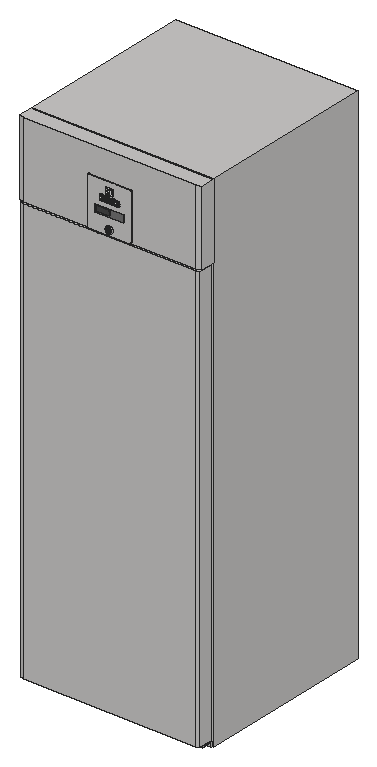
Revit family "QF_ELECTROLUXPROFESSIONAL_725095_RI075R1F", category Specialty Equipment, Revit 2018
Family settings
  Round Connector Dimension = Use Diameter
  Part Type = Normal
  Work Plane-Based = No
  Always vertical = Yes
  Cut with Voids When Loaded = No
  Shared = No
  Room Calculation Point = No
Parameters
  Weight = 122.00 kg
  Watts = 0 W
  Volts = 0 V
  URL Manufacturer = ""
  URL = ""
  Steam Supply Size = 0 mm
  Steam Supply Minimum Pressure = 0.0 Pa
  Steam Supply Maximum Pressure = 0.0 Pa
  Steam Pounds per Hour = 0
  Refrigeration Suction Line Size = 0 mm
  Refrigeration Liquid Line Size = 0 mm
  Refrigerant Compressor Remote = yes
  Manufacturer = ""
  Phase = 0
  Model = ""
  Length Actual = 750 mm  # constant formula
  Item Number = ""
  Hot Water Size = 0 mm
  Height Actual = 2101 mm  # constant formula
  HP = "0.4 HP"
  Gas Size = 0 mm
  Gas KW = 0
  Gas Input Pressure = 0 W
  Direct Waste Size = 0 mm
  Description = ""
  Depth Actual = 816 mm  # constant formula
  Cycle = 0 Hz
  Condensate Return Size = 0 mm
  Compressed Air Volume = 0.0 L/s
  Compressed Air Size = 0 mm
  Compressed Air Pressure = 0.0 Pa
  Cold Water Size = 0 mm
  Accessory = yes
Types (2, lengths in mm): name | Volts | URL Manufacturer | URL | Manufacturer | Phase | Model | Item Number | Description | Cycle
  (no name) | 0 V | "" | "" | "" | 0 | "" | "" | "" | 0 Hz
  Standard | 220 V | "http://professional.electrolux.com" | "http://professional.electrolux.com" | "Electrolux Professional" | 1 | "RI075R1F" | "725095" | "1-DOOR ROLL-IN REFRIGERATOR 750 LT 0/+10°C R290" | 50 Hz
Reference planes
  plane 1 "Center (Front/Back)": y = 0
  plane 2: z = 0
  plane 3 "Center (Left/Right)": x = 0
  plane 4 "TOP": z = 2101
  plane 5 "FRONT": y = -408
  plane 6 "BACK": y = 408
  plane 7 "LEFT": x = -375
  plane 8 "RIGHT": x = 375
  plane 9 "ROy": y = 241
  plane 10 "RIy": y = 269
  plane 11 "ROx": x = 134
  plane 12 "RIx": x = 207
  plane 13 "ROz": z = 1996
Forms (mm)
  Extrusion 1, solid, material "QF_Finishes_Stainless Steel"
    sketch origin (0, 0, 0) x (1, 0, 0) y (0, 1, 0)
      loop
        line (-375, 408) -> (-375, -336) -> (375, -336) -> (375, 408) -> (-375, 408)
    from 0 to 2101
  Extrusion 2, solid
    sketch origin (0, 408, 1872) x (-1, 0, 0) y (0, 0, 1)
      loop
        circle (359, 124) r 10
    from 0 to 3.2
  Extrusion 3, solid, material "QF_Clearances", detail levels coarse
    sketch origin (0, 0, 0) x (1, 0, 0) y (0, 1, 0)
      loop
        line (-375, -408) -> (-375, 408) -> (375, 408) -> (375, -408) -> (425, -408) -> (425, 458) -> (-425, 458) -> (-425, -408) -> (-375, -408)
    from 0 to 2101
  Extrusion 4, solid, material "QF_Clearances", detail levels coarse
    sketch origin (0, 0, 2101) x (-1, 0, 0) y (0, -1, 0)
      loop
        line (425, -458) -> (425, 408) -> (-425, 408) -> (-425, -458) -> (425, -458)
    from 0 to 500
  Extrusion 5, void
    sketch origin (0, 408, 0) x (-1, 0, 0) y (0, 0, 1)
      loop
        line (315, 1713.5) -> (-315, 1713.5) -> (-315, 5) -> (315, 5) -> (315, 1713.5)
    from -59 to -744
Cuts and joins
  joined: Extrusion 3, Extrusion 4
  Extrusion 5 cuts Extrusion 1
Lines and regions (mm)
  symbolic lines, style "QF_Clearances", detail levels coarse
    curve 1: line (-375, -408, 2101) -> (-425, -408, 2101)
    curve 2: line (-425, -408, 2101) -> (-425, 458, 2101)
    curve 3: line (-425, 458, 2101) -> (425, 458, 2101)
    curve 4: line (425, 458, 2101) -> (425, -408, 2101)
    curve 5: line (425, -408, 2101) -> (375, -408, 2101)
Dimensions and locks
  plane 6 "BACK" to plane 1 "Center (Front/Back)" to plane 5 "FRONT" = 408 mm, 408 mm
  equal spacing: plane 7 "LEFT", plane 3 "Center (Left/Right)", plane 8 "RIGHT"
  plane 7 "LEFT" to plane 8 "RIGHT" = 750 mm
  plane 6 "BACK" to plane 5 "FRONT" = 816 mm
  plane 4 "TOP" to plane 2 = 2101 mm
  equal spacing: plane 8 "RIGHT", plane 3 "Center (Left/Right)", plane 7 "LEFT"
  plane 6 "BACK" to nested 1 = 1494 mm
  cut or joined group of Extrusion 1, Extrusion 5 to cut or joined group of Extrusion 1, Extrusion 5 = 630 mm
  cut or joined group of Extrusion 1, Extrusion 5 to cut or joined group of Extrusion 1, Extrusion 5 = 685 mm
  plane 6 "BACK" to plane 10 "RIy" = 139 mm
  plane 6 "BACK" to plane 9 "ROy" = 167 mm
  plane 12 "RIx" to cut or joined group of Extrusion 1, Extrusion 5 = 168 mm
  plane 11 "ROx" to plane 12 "RIx" = 73 mm
  cut or joined group of Extrusion 1, Extrusion 5 to plane 13 "ROz" = 105 mm
  cut or joined group of Extrusion 3, Extrusion 4 to plane 4 "TOP" = 500 mm
  nested 1 to cut or joined group of Extrusion 1, Extrusion 5 = 810 mm
  nested 1 to nested 1 = 16 mm
  cut or joined group of Extrusion 3, Extrusion 4 to cut or joined group of Extrusion 1, Extrusion 5 = 50 mm
  cut or joined group of Extrusion 3, Extrusion 4 to plane 7 "LEFT" = 50 mm
  cut or joined group of Extrusion 1, Extrusion 5 to cut or joined group of Extrusion 3, Extrusion 4 = 50 mm
  plane 4 "TOP" to plane 13 "ROz" = 105 mm
  aligned and locked: level to plane 2
Automatic sketch dimensions
  plane 7 "LEFT" to Extrusion 2 sketch curve = 16 mm
  Extrusion 4 sketch curve to plane 5 "FRONT" = 0 mm
  Extrusion 4 sketch curve to plane 8 "RIGHT" = 50 mm
  Extrusion 4 sketch curve to plane 7 "LEFT" = 50 mm
  plane 6 "BACK" to Extrusion 4 sketch curve = 50 mm
  curve 5 to plane 5 "FRONT" = 0 mm
  curve 5 to plane 8 "RIGHT" = 0 mm
  curve 1 to plane 5 "FRONT" = 0 mm
  curve 1 to plane 7 "LEFT" = 0 mm
  curve 4 to plane 8 "RIGHT" = 50 mm
  curve 2 to plane 7 "LEFT" = 50 mm
  plane 6 "BACK" to curve 3 = 50 mm
  Extrusion 1 sketch curve to plane 7 "LEFT" = 0 mm
  Extrusion 1 sketch curve to plane 8 "RIGHT" = 0 mm
  Extrusion 1 sketch curve to plane 6 "BACK" = 0 mm
  plane 5 "FRONT" to Extrusion 1 sketch curve = 72 mm
  Extrusion 2 sketch curve to plane 4 "TOP" = 105 mm
  Extrusion 3 sketch curve to plane 5 "FRONT" = 0 mm  (x2)
  Extrusion 3 sketch curve to plane 7 "LEFT" = 0 mm
  Extrusion 3 sketch curve to plane 6 "BACK" = 0 mm
  Extrusion 3 sketch curve to plane 8 "RIGHT" = 0 mm
  Extrusion 3 sketch curve to plane 7 "LEFT" = 50 mm
  Extrusion 3 sketch curve to plane 8 "RIGHT" = 50 mm
  plane 6 "BACK" to Extrusion 3 sketch curve = 50 mm
  level to Extrusion 5 sketch curve = 5 mm
  plane 8 "RIGHT" to Extrusion 5 sketch curve = 60 mm
  plane 7 "LEFT" to Extrusion 5 sketch curve = 60 mm
  Extrusion 5 sketch curve to plane 4 "TOP" = 387.5 mm
  radius of Extrusion 2 sketch curve = 10 mm
Nested families
  nested 1: "QF_725095_Door" at (0, -336, 1050.5) x (1, 0, 0) z (0, -1, 0), type "QF_725095_Door"
    with Show Clearance yes
  nested 2: "Refrigerator" at (370, -442.5, 110), type "Refrigerator"
Connectors
  electrical at (-359, 411.2, 1996), driven by "Volts"
    settings: on Extrusion 2, index 2, voltage 0 V, apparent load 0 VA, apparent load phase1 0 VA, apparent load phase2 0 VA, apparent load phase3 0 VA, power factor 1, load classification "Other", number of poles 1, system type 30, power factor state 1, is connector primary yes, connector utility no, sub classification motor no, connector description "Electrical Connection"
Definition of nested family "QF_725095_Door"
  Parameters
    Show Clearance [instance] = yes
    Model = "725095"
    Default Elevation = 1219.2 mm
  Reference planes
    plane 1 "Center (Front/Back)": y = 0
    plane 2: z = 0
    plane 3 "Center (Left/Right)": x = 0
  Forms (mm)
    Extrusion 1, solid
      sketch origin (0, -919.2, 0) x (1, 0, 0) y (0, 1, 0)
        loop
          line (-740, 2119.2) -> (-740, -324.806) -> (846.344, -324.806) -> (846.344, 2119.2) -> (-740, 2119.2)
      from 0 to -59.546
    Extrusion 2, solid
      sketch origin (0, 0, 0) x (1, 0, 0) y (0, 0, 1)
        loop
          line (-375, 60.667) -> (-375, 0) -> (375, 0) -> (375, 60.667) -> (355, 66) -> (-355, 66) -> (-375, 60.667)
      from -1050.5 to -740.5
    Extrusion 3, solid
      sketch origin (0, 0, 0) x (1, 0, 0) y (0, 0, 1)
        loop
          line (-370, 62) -> (-370, 26) -> (-348, 26) -> (-348, 8) -> (-330, 8) -> (-330, 0) -> (362, 0) -> (362, 8) -> (370, 8) -> (370, 62) -> (355, 66) -> (-355, 66) -> (-370, 62)
      from -733.5 to 1025.5
    Extrusion 4, solid
      sketch origin (147, -711.5, 0) x (0, 1, 0) y (0, 0, 1)
        loop
          line (-323.003, 40.312) -> (-316.501, 40.312) -> (-316.501, 42.812) -> (-325.503, 42.812) -> (-325.503, 2.5) -> (-339, 2.5) -> (-339, 0) -> (-323.003, 0) -> (-323.003, 12.259) -> (-323.003, 40.312)
        loop
          line (-314, 38.311) -> (-316.501, 38.311) -> (-316.501, 14.304) -> (-319.752, 14.304) -> (-319.752, 11.804) -> (-314, 11.804) -> (-314, 38.311)
      from 185 to 220
    Extrusion 5, solid
      sketch origin (147, 499.597, 0) x (0, 1, 0) y (0, 0, 1)
        loop
          line (233.903, 27.948) -> (233.903, 2.948) -> (233.903, 0) -> (240.903, 0) -> (240.903, 2.5) -> (236.403, 2.5) -> (236.403, 27.948) -> (233.903, 27.948)
      from 185 to 220
    Extrusion 6, solid, detail levels coarse
      sketch origin (24, 1013.369, -334) x (-1, 0, 0) y (0, 0, -1)
        loop
          line (-367, -352) -> (-367, -1084) -> (-329, -1084) -> (-329, -1062) -> (-311, -1062) -> (-311, -1044) -> (-303, -1044) -> (-303, -400) -> (-351, -400) -> (-351, -352) -> (-367, -352)
      from 2038.869 to 279.869
    Extrusion 7, solid, detail levels coarse
      sketch origin (41, 1123.369, -334) x (1, 0, 0) y (0, 0, 1)
        loop
          line (286, 400) -> (286, 1044) -> (294, 1044) -> (294, 1062) -> (312, 1062) -> (312, 1084)
          arc (312, 1084) -> (-184.675, 884.882) -> (-411, 400) r 727.877
          line (-411, 400) -> (286, 400)
      from 2148.869 to 389.869
  Lines and regions (mm)
    symbolic lines
      curve 1: line (-375, 0, 0) -> (-375, 0, 60.667)
      curve 2: line (375, 0, 0) -> (-375, 0, 0)
      curve 3: line (391, 0, 18) -> (391, 0, 750)
      curve 4: line (327, 0, 66) -> (327, 0, 710)
      curve 5: line (391, 0, 750) -> (353, 0, 750)
      curve 6: line (353, 0, 728) -> (353, 0, 750)
      curve 7: line (335, 0, 728) -> (353, 0, 728)
      curve 8: line (335, 0, 710) -> (335, 0, 728)
      curve 9: line (327, 0, 710) -> (335, 0, 710)
      curve 10: line (375, 0, 18) -> (391, 0, 18)
      curve 11: arc (353, 0, 750) -> (-143.675, 0, 550.882) -> (-370, 0, 66) r 727.877
      curve 12: line (375, 0, 0) -> (375, 0, 60.667)
      curve 13: line (-355, 0, 66) -> (-375, 0, 60.667)
      curve 14: line (355, 0, 66) -> (-355, 0, 66)
      curve 15: line (375, 0, 60.667) -> (355, 0, 66)
  Dimensions and locks
    Extrusion 4 to Extrusion 2 = 2101 mm
    Extrusion 3 to Extrusion 3 = 740 mm
    aligned and locked: plane 2 to Extrusion 1
    aligned and locked: level to Extrusion 1
  Nested families
    nested 1: "QF_DisplayNewRollCabinets_ELX" at (0, 840.5, 66), type "QF_DisplayNewRollCabinets_ELX"
      with Show Clearance yes
  Definition of nested family "QF_DisplayNewRollCabinets_ELX"
    Parameters
      Show Clearance [instance] = yes
      Model = "728658"
      Default Elevation = 1219.2 mm
    Reference planes
      plane 1 "Center (Front/Back)": y = 0
      plane 2: z = 0
      plane 3 "Center (Left/Right)": x = 0
    Forms (mm)
      Extrusion 1, solid
        sketch origin (0, -919.2, 0) x (1, 0, 0) y (0, 1, 0)
          loop
            line (-198.75, 1146.2) -> (-198.75, 709.567) -> (165.741, 709.567) -> (165.741, 1146.2) -> (-198.75, 1146.2)
        from 0 to -59.546
      Extrusion 2, solid
        sketch origin (-59, -79.611, 0) x (0, 1, 0) y (-1, 0, 0)
          loop
            circle (0.611, -59) r 14
          loop
            circle (0.611, -59) r 10
        from 1.6 to 6
      Extrusion 3, solid
        sketch origin (744.635, 285.889, 0) x (0, 1, 0) y (-1, 0, 0)
          loop
            circle (-364.889, 744.635) r 10
          loop
            circle (-364.889, 744.635) r 9
        from 1.6 to 6
      Extrusion 4, solid
        sketch origin (744.635, 285.889, 0) x (0, 1, 0) y (-1, 0, 0)
          loop
            circle (-364.889, 744.635) r 8.7
        from 1.6 to 6
      Extrusion 5, void
        sketch origin (744.635, 285.889, 0) x (0, 1, 0) y (-1, 0, 0)
          loop
            line (-372.339, 745.885) -> (-372.339, 743.385) -> (-362.339, 743.385) -> (-362.339, 745.885) -> (-372.339, 745.885)
        from 3 to 7
      Extrusion 6, solid
        sketch origin (0, 0, 0) x (1, 0, 0) y (0, 1, 0)
          loop
            arc (-90, -95) -> (-88.536, -98.536) -> (-85, -100) r 5
            line (-85, -100) -> (85, -100)
            arc (85, -100) -> (88.536, -98.536) -> (90, -95) r 5
            line (90, -95) -> (90, 95)
            arc (90, 95) -> (88.536, 98.536) -> (85, 100) r 5
            line (85, 100) -> (-85, 100)
            arc (-85, 100) -> (-88.536, 98.536) -> (-90, 95) r 5
            line (-90, 95) -> (-90, -95)
          loop
            line (-60, -3.798) -> (-60, -32.827) -> (60, -32.827) -> (60, -3.798) -> (-60, -3.798)
        from 0 to 1.6
      Extrusion 7, solid
        sketch origin (0, 0, 0) x (1, 0, 0) y (0, 1, 0)
          loop
            line (-60, -3.798) -> (-60, -32.827) -> (60, -32.827) -> (60, -3.798) -> (-60, -3.798)
          loop
            line (-56.428, -8.037) -> (-56.428, -28.331) -> (0, -28.331) -> (0, -8.037) -> (-56.428, -8.037)
        from 0 to 1.6
      Extrusion 8, solid
        sketch origin (0, 0, 0) x (1, 0, 0) y (0, 1, 0)
          loop
            line (-56.428, -8.037) -> (-56.428, -28.331) -> (0, -28.331) -> (0, -8.037) -> (-56.428, -8.037)
        from 0 to 1.6
      Extrusion 9, solid
        sketch origin (0, 0, 0) x (1, 0, 0) y (0, 1, 0)
          loop
            spline (-35.495, 30.517) -> (-35.679, 30.525) -> (-35.875, 30.55) -> (-36.078, 30.596) -> (-36.282, 30.665) -> (-36.483, 30.762) -> (-36.674, 30.888) -> (-36.851, 31.047) -> (-37.007, 31.242) -> (-37.138, 31.476) -> (-37.238, 31.752) -> (-37.302, 32.073) -> (-37.325, 32.443)
            line (-37.325, 32.443) -> (-37.325, 34.082) -> (-31.914, 34.082) -> (-31.914, 36.172) -> (-37.326, 36.172) -> (-37.326, 39.215) -> (-31.569, 39.215) -> (-31.569, 41.3) -> (-39.541, 41.3) -> (-39.541, 32.538)
            spline (-39.541, 32.538) -> (-39.521, 31.999) -> (-39.461, 31.491) -> (-39.359, 31.016) -> (-39.214, 30.575) -> (-39.026, 30.17) -> (-38.792, 29.803) -> (-38.513, 29.476) -> (-38.186, 29.19) -> (-37.811, 28.948) -> (-37.386, 28.75) -> (-36.91, 28.599) -> (-36.383, 28.497)
            line (-36.383, 28.497) -> (-35.513, 28.434) -> (-31.415, 28.434) -> (-31.415, 30.517) -> (-35.495, 30.517)
          loop
            line (-29.841, 35.221) -> (-29.841, 28.431) -> (-27.625, 28.431) -> (-27.625, 41.303) -> (-29.841, 41.303) -> (-29.841, 35.221)
          loop
            spline (-16.689, 32.543) -> (-16.674, 33.24) -> (-16.741, 33.914) -> (-16.887, 34.559) -> (-17.108, 35.168) -> (-17.403, 35.737) -> (-17.768, 36.257) -> (-18.2, 36.724) -> (-18.697, 37.131) -> (-19.255, 37.471) -> (-19.872, 37.739) -> (-20.545, 37.929) -> (-21.271, 38.033)
            spline (-21.271, 38.033) -> (-21.961, 37.993) -> (-22.617, 37.875) -> (-23.233, 37.682) -> (-23.805, 37.417) -> (-24.328, 37.083) -> (-24.797, 36.683) -> (-25.207, 36.219) -> (-25.554, 35.696) -> (-25.832, 35.116) -> (-26.036, 34.481) -> (-26.162, 33.795) -> (-26.206, 33.061)
            spline (-26.206, 33.061) -> (-26.164, 32.345) -> (-26.041, 31.676) -> (-25.841, 31.056) -> (-25.568, 30.489) -> (-25.226, 29.977) -> (-24.818, 29.524) -> (-24.348, 29.133) -> (-23.822, 28.805) -> (-23.241, 28.546) -> (-22.61, 28.357) -> (-21.934, 28.241) -> (-21.215, 28.202)
            spline (-21.215, 28.202) -> (-20.865, 28.21) -> (-20.518, 28.237) -> (-20.176, 28.283) -> (-19.837, 28.35) -> (-19.503, 28.441) -> (-19.173, 28.557) -> (-18.847, 28.699) -> (-18.525, 28.87) -> (-18.208, 29.07) -> (-17.895, 29.303) -> (-17.587, 29.569) -> (-17.283, 29.871)
            line (-17.283, 29.871) -> (-18.618, 31.17)
            spline (-18.618, 31.17) -> (-18.794, 31.001) -> (-18.971, 30.845) -> (-19.151, 30.704) -> (-19.334, 30.578) -> (-19.523, 30.465) -> (-19.72, 30.368) -> (-19.925, 30.284) -> (-20.141, 30.216) -> (-20.369, 30.163) -> (-20.61, 30.125) -> (-20.867, 30.102) -> (-21.141, 30.094)
            spline (-21.141, 30.094) -> (-21.542, 30.114) -> (-21.918, 30.172) -> (-22.268, 30.268) -> (-22.589, 30.399) -> (-22.881, 30.564) -> (-23.142, 30.762) -> (-23.37, 30.99) -> (-23.564, 31.248) -> (-23.721, 31.534) -> (-23.841, 31.846) -> (-23.921, 32.183) -> (-23.961, 32.543)
            line (-23.961, 32.543) -> (-16.689, 32.543)
          loop
            spline (-18.915, 34.101) -> (-18.937, 34.375) -> (-19, 34.638) -> (-19.101, 34.889) -> (-19.237, 35.124) -> (-19.407, 35.342) -> (-19.606, 35.538) -> (-19.833, 35.712) -> (-20.083, 35.859) -> (-20.355, 35.979) -> (-20.646, 36.067) -> (-20.952, 36.122) -> (-21.271, 36.141)
            spline (-21.271, 36.141) -> (-21.613, 36.123) -> (-21.943, 36.069) -> (-22.256, 35.981) -> (-22.552, 35.864) -> (-22.825, 35.717) -> (-23.075, 35.545) -> (-23.297, 35.35) -> (-23.49, 35.133) -> (-23.65, 34.897) -> (-23.774, 34.645) -> (-23.86, 34.379) -> (-23.905, 34.101)
            line (-23.905, 34.101) -> (-18.915, 34.101)
          loop
            spline (-13.301, 33.118) -> (-13.275, 33.53) -> (-13.201, 33.921) -> (-13.081, 34.288) -> (-12.918, 34.628) -> (-12.715, 34.938) -> (-12.475, 35.216) -> (-12.201, 35.459) -> (-11.896, 35.664) -> (-11.563, 35.828) -> (-11.205, 35.948) -> (-10.825, 36.023) -> (-10.425, 36.048)
            spline (-10.425, 36.048) -> (-10.18, 36.041) -> (-9.946, 36.018) -> (-9.721, 35.98) -> (-9.505, 35.928) -> (-9.298, 35.862) -> (-9.099, 35.782) -> (-8.908, 35.688) -> (-8.724, 35.581) -> (-8.547, 35.461) -> (-8.376, 35.329) -> (-8.211, 35.185) -> (-8.051, 35.028)
            line (-8.051, 35.028) -> (-6.678, 36.457)
            spline (-6.678, 36.457) -> (-6.951, 36.73) -> (-7.233, 36.975) -> (-7.522, 37.194) -> (-7.819, 37.386) -> (-8.123, 37.553) -> (-8.434, 37.695) -> (-8.751, 37.813) -> (-9.075, 37.908) -> (-9.404, 37.98) -> (-9.739, 38.031) -> (-10.08, 38.061) -> (-10.425, 38.07)
            spline (-10.425, 38.07) -> (-11.118, 38.028) -> (-11.781, 37.902) -> (-12.409, 37.698) -> (-12.996, 37.421) -> (-13.537, 37.075) -> (-14.024, 36.665) -> (-14.453, 36.196) -> (-14.817, 35.671) -> (-15.11, 35.097) -> (-15.327, 34.476) -> (-15.462, 33.815) -> (-15.508, 33.118)
            spline (-15.508, 33.118) -> (-15.462, 32.42) -> (-15.327, 31.759) -> (-15.11, 31.138) -> (-14.817, 30.564) -> (-14.453, 30.039) -> (-14.024, 29.57) -> (-13.537, 29.16) -> (-12.996, 28.814) -> (-12.409, 28.537) -> (-11.781, 28.333) -> (-11.118, 28.207) -> (-10.425, 28.165)
            spline (-10.425, 28.165) -> (-10.08, 28.174) -> (-9.739, 28.204) -> (-9.404, 28.255) -> (-9.075, 28.327) -> (-8.751, 28.422) -> (-8.434, 28.54) -> (-8.123, 28.682) -> (-7.819, 28.849) -> (-7.522, 29.041) -> (-7.233, 29.26) -> (-6.951, 29.505) -> (-6.678, 29.779)
            line (-6.678, 29.779) -> (-8.051, 31.207)
            spline (-8.051, 31.207) -> (-8.211, 31.05) -> (-8.376, 30.906) -> (-8.547, 30.774) -> (-8.724, 30.654) -> (-8.908, 30.547) -> (-9.099, 30.453) -> (-9.298, 30.373) -> (-9.505, 30.307) -> (-9.721, 30.255) -> (-9.946, 30.217) -> (-10.18, 30.194) -> (-10.425, 30.187)
            spline (-10.425, 30.187) -> (-10.825, 30.212) -> (-11.205, 30.287) -> (-11.563, 30.407) -> (-11.896, 30.571) -> (-12.201, 30.776) -> (-12.475, 31.019) -> (-12.715, 31.297) -> (-12.918, 31.607) -> (-13.081, 31.947) -> (-13.201, 32.314) -> (-13.275, 32.705) -> (-13.301, 33.118)
          loop
            spline (-1.029, 30.514) -> (-1.224, 30.511) -> (-1.433, 30.525) -> (-1.651, 30.562) -> (-1.872, 30.623) -> (-2.09, 30.713) -> (-2.301, 30.835) -> (-2.498, 30.992) -> (-2.675, 31.189) -> (-2.829, 31.429) -> (-2.952, 31.716) -> (-3.039, 32.053) -> (-3.086, 32.443)
            line (-3.086, 32.443) -> (-3.086, 35.726) -> (-1.07, 35.726) -> (-1.07, 37.739) -> (-3.083, 37.739) -> (-3.083, 41.303) -> (-5.299, 41.303) -> (-5.299, 32.317)
            spline (-5.299, 32.317) -> (-5.251, 31.795) -> (-5.165, 31.305) -> (-5.04, 30.847) -> (-4.875, 30.424) -> (-4.668, 30.037) -> (-4.418, 29.687) -> (-4.125, 29.377) -> (-3.788, 29.108) -> (-3.405, 28.881) -> (-2.975, 28.699) -> (-2.498, 28.562) -> (-1.972, 28.474)
            line (-1.972, 28.474) -> (-1.037, 28.431) -> (-1.029, 30.514)
          loop
            spline (6.427, 37.868) -> (6.044, 37.892) -> (5.675, 37.885) -> (5.321, 37.849) -> (4.984, 37.784) -> (4.663, 37.692) -> (4.362, 37.573) -> (4.079, 37.428) -> (3.817, 37.259) -> (3.576, 37.066) -> (3.358, 36.85) -> (3.163, 36.613) -> (2.992, 36.355)
            line (2.992, 36.355) -> (2.992, 37.739) -> (0.794, 37.739) -> (0.794, 28.431) -> (2.992, 28.431) -> (2.992, 33.325)
            spline (2.992, 33.325) -> (3.013, 33.696) -> (3.072, 34.042) -> (3.169, 34.362) -> (3.303, 34.653) -> (3.471, 34.915) -> (3.673, 35.147) -> (3.907, 35.346) -> (4.171, 35.513) -> (4.465, 35.644) -> (4.785, 35.74) -> (5.132, 35.799) -> (5.504, 35.818)
            line (5.504, 35.818) -> (6.427, 35.726) -> (6.427, 37.868)
          loop
            spline (16.924, 33.085) -> (16.877, 33.768) -> (16.743, 34.419) -> (16.525, 35.032) -> (16.231, 35.603) -> (15.866, 36.126) -> (15.437, 36.596) -> (14.949, 37.008) -> (14.409, 37.357) -> (13.823, 37.637) -> (13.196, 37.844) -> (12.535, 37.972) -> (11.845, 38.016)
            spline (11.845, 38.016) -> (11.152, 37.972) -> (10.488, 37.844) -> (9.86, 37.637) -> (9.273, 37.357) -> (8.733, 37.008) -> (8.246, 36.596) -> (7.818, 36.126) -> (7.455, 35.603) -> (7.163, 35.032) -> (6.946, 34.419) -> (6.812, 33.768) -> (6.766, 33.085)
            spline (6.766, 33.085) -> (6.812, 32.402) -> (6.946, 31.752) -> (7.163, 31.138) -> (7.455, 30.568) -> (7.818, 30.045) -> (8.246, 29.574) -> (8.733, 29.162) -> (9.273, 28.813) -> (9.86, 28.533) -> (10.488, 28.326) -> (11.152, 28.198) -> (11.845, 28.154)
            spline (11.845, 28.154) -> (12.535, 28.198) -> (13.196, 28.326) -> (13.823, 28.533) -> (14.409, 28.813) -> (14.949, 29.162) -> (15.437, 29.574) -> (15.866, 30.045) -> (16.231, 30.568) -> (16.525, 31.138) -> (16.743, 31.752) -> (16.877, 32.402) -> (16.924, 33.085)
          loop
            spline (14.726, 33.085) -> (14.7, 33.488) -> (14.625, 33.872) -> (14.504, 34.235) -> (14.34, 34.572) -> (14.136, 34.882) -> (13.895, 35.161) -> (13.62, 35.405) -> (13.315, 35.612) -> (12.981, 35.778) -> (12.623, 35.901) -> (12.244, 35.977) -> (11.845, 36.003)
            spline (11.845, 36.003) -> (11.443, 35.977) -> (11.061, 35.901) -> (10.702, 35.778) -> (10.368, 35.612) -> (10.063, 35.405) -> (9.789, 35.161) -> (9.549, 34.882) -> (9.346, 34.572) -> (9.184, 34.235) -> (9.064, 33.872) -> (8.99, 33.488) -> (8.965, 33.085)
            spline (8.965, 33.085) -> (8.99, 32.682) -> (9.064, 32.298) -> (9.184, 31.936) -> (9.346, 31.598) -> (9.549, 31.288) -> (9.789, 31.01) -> (10.063, 30.765) -> (10.368, 30.558) -> (10.702, 30.392) -> (11.061, 30.269) -> (11.443, 30.193) -> (11.845, 30.167)
            spline (11.845, 30.167) -> (12.244, 30.193) -> (12.623, 30.269) -> (12.981, 30.392) -> (13.315, 30.558) -> (13.62, 30.765) -> (13.895, 31.01) -> (14.136, 31.288) -> (14.34, 31.598) -> (14.504, 31.936) -> (14.625, 32.298) -> (14.7, 32.682) -> (14.726, 33.085)
          loop
            line (18.286, 35.443) -> (18.286, 28.431) -> (20.504, 28.431) -> (20.504, 41.303) -> (18.286, 41.303) -> (18.286, 35.443)
          loop
            line (28.496, 37.739) -> (28.496, 32.328)
            spline (28.496, 32.328) -> (28.478, 31.977) -> (28.426, 31.659) -> (28.342, 31.376) -> (28.228, 31.126) -> (28.085, 30.908) -> (27.916, 30.721) -> (27.723, 30.566) -> (27.508, 30.44) -> (27.273, 30.344) -> (27.019, 30.276) -> (26.748, 30.236) -> (26.464, 30.223)
            spline (26.464, 30.223) -> (26.18, 30.236) -> (25.909, 30.276) -> (25.656, 30.344) -> (25.42, 30.44) -> (25.205, 30.564) -> (25.012, 30.719) -> (24.843, 30.904) -> (24.701, 31.12) -> (24.587, 31.368) -> (24.503, 31.648) -> (24.451, 31.962) -> (24.433, 32.309)
            line (24.433, 32.309) -> (24.433, 37.739) -> (22.198, 37.739) -> (22.198, 32.125)
            spline (22.198, 32.125) -> (22.238, 31.488) -> (22.352, 30.91) -> (22.537, 30.388) -> (22.786, 29.923) -> (23.095, 29.514) -> (23.456, 29.16) -> (23.866, 28.863) -> (24.319, 28.62) -> (24.808, 28.432) -> (25.33, 28.298) -> (25.877, 28.218) -> (26.446, 28.191)
            spline (26.446, 28.191) -> (27.019, 28.218) -> (27.571, 28.299) -> (28.097, 28.435) -> (28.591, 28.626) -> (29.047, 28.872) -> (29.46, 29.174) -> (29.825, 29.532) -> (30.136, 29.947) -> (30.387, 30.419) -> (30.574, 30.948) -> (30.69, 31.535) -> (30.729, 32.18)
            line (30.729, 32.18) -> (30.729, 37.739) -> (28.496, 37.739)
          loop
            line (39.115, 31.408) -> (37.717, 33.362) -> (39.448, 35.719) -> (40.93, 37.739) -> (38.511, 37.739) -> (36.497, 34.95) -> (34.466, 37.739) -> (32.065, 37.739) -> (33.442, 35.856) -> (35.279, 33.344) -> (33.354, 30.663) -> (31.751, 28.431) -> (34.134, 28.431) -> (36.497, 31.719) -> (38.861, 28.431) -> (41.244, 28.431) -> (39.115, 31.408)
          loop
            line (-38.295, 23.783) -> (-40.009, 23.783) -> (-40.009, 19.333) -> (-39.095, 19.333) -> (-39.095, 20.841) -> (-38.295, 20.841)
            arc (-38.295, 20.841) -> (-36.824, 22.312) -> (-38.295, 23.783) r 1.471
          loop
            arc (-38.234, 21.69) -> (-37.702, 22.312) -> (-38.234, 22.934) r 0.63
            line (-38.234, 22.934) -> (-39.095, 22.934) -> (-39.095, 21.69) -> (-38.234, 21.69)
          loop
            line (-31.313, 23.783) -> (-33.058, 23.783) -> (-33.058, 19.333) -> (-32.144, 19.333) -> (-32.144, 20.866) -> (-31.349, 20.866) -> (-30.568, 19.333) -> (-29.53, 19.333) -> (-30.598, 21.091)
            arc (-30.598, 21.091) -> (-30.04, 21.611) -> (-29.845, 22.348) r 1.374
            arc (-29.845, 22.348) -> (-30.287, 23.365) -> (-31.313, 23.783) r 1.469
          loop
            line (-31.332, 22.942) -> (-32.144, 22.942) -> (-32.144, 21.7) -> (-31.332, 21.7)
            arc (-31.332, 21.7) -> (-30.827, 22.321) -> (-31.332, 22.942) r 0.634
          loop
            circle (-23.849, 21.558) r 2.311
          loop
            circle (-23.849, 21.558) r 1.467
          loop
            line (-17.711, 23.783) -> (-17.711, 19.333) -> (-16.796, 19.333) -> (-16.796, 21.162) -> (-15.122, 21.162) -> (-15.122, 22.003) -> (-16.796, 22.003) -> (-16.796, 22.942) -> (-14.961, 22.942) -> (-14.961, 23.783) -> (-17.711, 23.783)
          loop
            line (-11.187, 23.783) -> (-11.187, 20.776)
            arc (-11.187, 20.776) -> (-10.776, 19.757) -> (-9.763, 19.333) r 1.424
            line (-9.763, 19.333) -> (-8.326, 19.333) -> (-8.326, 20.174) -> (-9.388, 20.174)
            arc (-9.388, 20.174) -> (-10.074, 20.494) -> (-10.272, 21.224) r 0.897
            line (-10.272, 21.224) -> (-8.492, 21.224) -> (-8.492, 22.065) -> (-10.272, 22.065) -> (-10.272, 22.942) -> (-8.369, 22.942) -> (-8.369, 23.783) -> (-11.187, 23.783)
          loop
            line (-2.341, 22.616) -> (-1.684, 23.067)
            arc (-1.684, 23.067) -> (-2.293, 23.661) -> (-3.121, 23.857) r 1.593
            arc (-3.121, 23.857) -> (-3.842, 23.672) -> (-4.423, 23.206) r 1.765
            arc (-4.423, 23.206) -> (-4.501, 22.623) -> (-4.383, 22.046) r 1.775
            arc (-4.383, 22.046) -> (-3.986, 21.617) -> (-3.47, 21.346) r 1.724
            arc (-3.47, 21.346) -> (-3.071, 21.188) -> (-2.688, 20.994) r 4.507
            arc (-2.688, 20.994) -> (-2.464, 20.43) -> (-2.973, 20.098) r 0.479
            arc (-2.973, 20.098) -> (-3.616, 20.315) -> (-4.111, 20.78) r 1.593
            line (-4.111, 20.78) -> (-4.81, 20.341)
            arc (-4.81, 20.341) -> (-4.533, 19.884) -> (-4.129, 19.534) r 1.711
            arc (-4.129, 19.534) -> (-3.616, 19.315) -> (-3.061, 19.259) r 1.845
            arc (-3.061, 19.259) -> (-2.375, 19.396) -> (-1.757, 19.724) r 2.41
            arc (-1.757, 19.724) -> (-1.484, 20.45) -> (-1.625, 21.213) r 1.447
            arc (-1.625, 21.213) -> (-1.929, 21.564) -> (-2.319, 21.818) r 1.678
            arc (-2.319, 21.818) -> (-2.811, 22.038) -> (-3.316, 22.227) r 8.836
            arc (-3.316, 22.227) -> (-3.607, 22.681) -> (-3.186, 23.017) r 0.402
            arc (-3.186, 23.017) -> (-2.717, 22.913) -> (-2.341, 22.616) r 1.07
          loop
            line (9.023, 23.783) -> (9.023, 19.333) -> (9.938, 19.333) -> (9.938, 23.783) -> (9.023, 23.783)
          loop
            circle (16.107, 21.558) r 1.384
          loop
            circle (16.107, 21.558) r 2.311
          loop
            line (22.245, 19.333) -> (23.169, 19.333) -> (23.169, 22.131) -> (25.205, 19.333) -> (26.094, 19.333) -> (26.094, 23.783) -> (25.17, 23.783) -> (25.17, 20.9) -> (23.135, 23.783) -> (22.245, 23.783) -> (22.245, 19.333)
          loop
            line (30.707, 19.333) -> (31.141, 20.293) -> (32.787, 20.293) -> (33.22, 19.333) -> (34.204, 19.333) -> (31.937, 23.783) -> (29.725, 19.333) -> (30.707, 19.333)
          loop
            line (31.964, 22.119) -> (31.552, 21.206) -> (32.376, 21.206) -> (31.964, 22.119)
          loop
            line (38.748, 20.174) -> (38.748, 23.783) -> (37.833, 23.783) -> (37.833, 19.333) -> (40.459, 19.333) -> (40.459, 20.174) -> (38.748, 20.174)
          loop
            line (-14.216, 47.398) -> (14.216, 47.398) -> (14.216, 75.792) -> (-14.216, 75.792) -> (-14.216, 47.398)
          loop
            line (3.797, 74.398) -> (3.797, 48.85)
            arc (3.797, 48.85) -> (13.241, 61.624) -> (3.797, 74.398) r 13.361
          loop
            line (2.497, 72.548) -> (2.497, 74.398)
            arc (2.497, 74.398) -> (-8.128, 71.983) -> (-13.247, 62.364) r 13.094
            line (-13.247, 62.364) -> (-9.02, 62.364)
            arc (-9.02, 62.364) -> (-1.469, 65.429) -> (2.497, 72.548) r 12.273
          loop
            arc (-13.247, 60.883) -> (-8.136, 51.185) -> (2.497, 48.522) r 13.436
            line (2.497, 48.522) -> (2.497, 50.7)
            arc (2.497, 50.7) -> (-1.469, 57.818) -> (-9.02, 60.883) r 12.273
            line (-9.02, 60.883) -> (-13.247, 60.883)
          loop
            line (4.381, 22.616) -> (5.039, 23.067)
            arc (5.039, 23.067) -> (4.429, 23.661) -> (3.601, 23.857) r 1.593
            arc (3.601, 23.857) -> (2.88, 23.672) -> (2.299, 23.206) r 1.765
            arc (2.299, 23.206) -> (2.221, 22.623) -> (2.339, 22.046) r 1.775
            arc (2.339, 22.046) -> (2.736, 21.617) -> (3.252, 21.346) r 1.724
            arc (3.252, 21.346) -> (3.651, 21.188) -> (4.034, 20.994) r 4.507
            arc (4.034, 20.994) -> (4.258, 20.43) -> (3.75, 20.098) r 0.479
            arc (3.75, 20.098) -> (3.106, 20.315) -> (2.611, 20.78) r 1.593
            line (2.611, 20.78) -> (1.912, 20.341)
            arc (1.912, 20.341) -> (2.189, 19.884) -> (2.594, 19.534) r 1.711
            arc (2.594, 19.534) -> (3.106, 19.315) -> (3.661, 19.259) r 1.845
            arc (3.661, 19.259) -> (4.347, 19.396) -> (4.965, 19.724) r 2.41
            arc (4.965, 19.724) -> (5.238, 20.45) -> (5.097, 21.213) r 1.447
            arc (5.097, 21.213) -> (4.793, 21.564) -> (4.403, 21.818) r 1.678
            arc (4.403, 21.818) -> (3.911, 22.038) -> (3.406, 22.227) r 8.836
            arc (3.406, 22.227) -> (3.115, 22.681) -> (3.536, 23.017) r 0.402
            arc (3.536, 23.017) -> (4.005, 22.913) -> (4.381, 22.616) r 1.07
        from 1.6 to 3.2
      Extrusion 10, solid
        sketch origin (0, 0, 0) x (1, 0, 0) y (0, 1, 0)
          loop
            line (1.25, -86.45) -> (1.25, -76.45) -> (-1.25, -76.45) -> (-1.25, -86.45) -> (1.25, -86.45)
        from 1.6 to 6
    Cuts and joins
      Extrusion 5 cuts Extrusion 4
    Lines and regions (mm)
      symbolic lines
        curve 1: line (52.518, 0, 4) -> (-53.037, 0, 4)
        curve 2: line (40, 0, 4) -> (40, 0, 6)
        curve 3: line (40, 0, 6) -> (-40, 0, 6)
        curve 4: line (-40, 0, 6) -> (-40, 0, 4)
        curve 5: line (-64.765, 0, 0) -> (-53.037, 0, 4)
        curve 6: line (52.518, 0, 4) -> (64.135, 0, 0)
    Dimensions and locks
      aligned and locked: plane 2 to Extrusion 1
      aligned and locked: level to Extrusion 1
Definition of nested family "Refrigerator"
  Reference planes
    plane 1 "Center (Front/Back)": y = 0
    plane 2: z = 0
    plane 3 "Center (Left/Right)": x = 0
  Lines and regions (mm)
    detail lines, in view "Ref. Level"
      curve 1: spline (-500, 190, 0) -> (-493.185, 166.706, 0) -> (-473.205, 145, 0) -> (-441.421, 126.36, 0) -> (-400, 112.058, 0) -> (-351.764, 103.067, 0) -> (-300, 100, 0) -> (-248.236, 103.067, 0) -> (-200, 112.058, 0) -> (-158.579, 126.36, 0) -> (-126.795, 145, 0) -> (-106.815, 166.706, 0) -> (-100, 190, 0) -> (-106.815, 213.294, 0) -> (-126.795, 235, 0) -> (-158.579, 253.64, 0) -> (-200, 267.942, 0) -> (-248.236, 276.933, 0) -> (-300, 280, 0) -> (-351.764, 276.933, 0) -> (-400, 267.942, 0) -> (-441.421, 253.64, 0) -> (-473.205, 235, 0) -> (-493.185, 213.294, 0) -> (-500, 190, 0)
      curve 2: line (-300, 130, 0) -> (-300, 250, 0)
      curve 3: line (-351.962, 220, 0) -> (-248.038, 160, 0)
      curve 4: line (-351.962, 160, 0) -> (-248.038, 220, 0)
      curve 5: line (-280.884, 246.873, 0) -> (-300, 225, 0)
      curve 6: line (-300, 225, 0) -> (-319.116, 246.873, 0)
      curve 7: line (-330.311, 207.5, 0) -> (-339.696, 234.992, 0)
      curve 8: line (-358.812, 201.882, 0) -> (-330.311, 207.5, 0)
      curve 9: line (-330.311, 172.5, 0) -> (-358.812, 178.118, 0)
      curve 10: line (-339.696, 145.008, 0) -> (-330.311, 172.5, 0)
      curve 11: line (-300, 155, 0) -> (-319.116, 133.127, 0)
      curve 12: line (-280.884, 133.127, 0) -> (-300, 155, 0)
      curve 13: line (-269.689, 172.5, 0) -> (-260.304, 145.008, 0)
      curve 14: line (-241.188, 178.118, 0) -> (-269.689, 172.5, 0)
      curve 15: line (-269.689, 207.5, 0) -> (-241.188, 201.882, 0)
      curve 16: line (-260.304, 234.992, 0) -> (-269.689, 207.5, 0)
